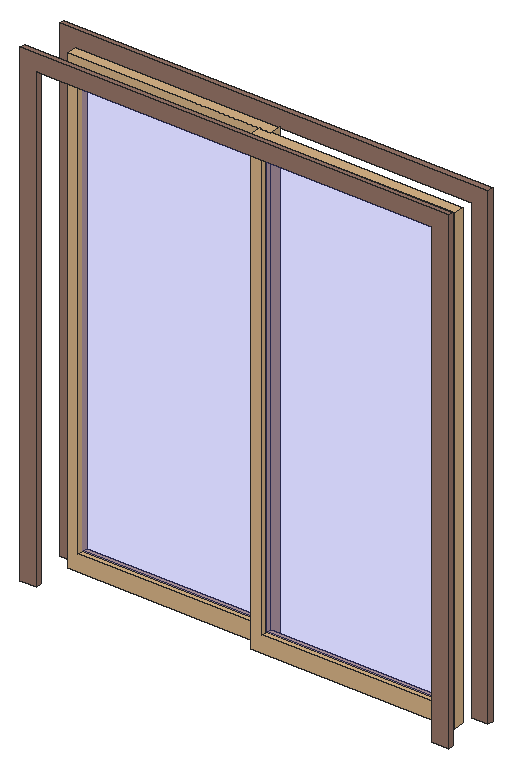
Revit family
Parameters (values of type "1830 x 2134mm")
  Thickness = 50 mm
  Assembly Code = ""
  문 재료 = 문 - 패널
  프레임 재료 = 문 - 프레임
  Height = 2134 mm
  난간 폭 = 75 mm
  선틀 폭 = 50 mm
  자르기 투영 외부 = 25 mm
  자르기 투영 내부 = 25 mm
  자르기 폭 = 75 mm
  Wall Closure = (empty or 0)
  Width = 1830 mm
Types (5, lengths in mm): name | Height | Width
  1830 x 2134mm | 2134 | 1830
  1830 x 2032mm | 2032 | 1830
  1830 x 1981mm | 1981 | 1830
  1730 x 2032mm | 2032 | 1730
  1730 x 2134mm | 2134 | 1730
Reference planes
  plane 1: z = 0
  plane 2: x = 0
  plane 3: x = -915
  plane 4: x = 915
  plane 5: z = 2134
  plane 6: y = 228.6
  plane 7: y = 25.4
  plane 8: y = 178.6
  plane 9: y = 128.6
  plane 10: y = 203.6
  plane 11: y = 153.6
  plane 12: y = 156.775
  plane 13: y = 150.425
  plane 14: y = 206.775
  plane 15: y = 200.425
Forms (mm)
  Extrusion 1, solid, material "문 - 프레임" <- "프레임 재료"
    sketch origin (-1524, 228.6, 0) x (-1, 0, 0) y (0, 0, 1)
      loop
        line (-2439, 0) -> (-2439, 2134) -> (-609, 2134) -> (-609, 0) -> (-534, 0) -> (-534, 2209) -> (-2514, 2209) -> (-2514, 0) -> (-2439, 0)
    from 0 to 25
  Extrusion 2, solid, material "문 - 프레임" <- "프레임 재료"
    sketch origin (0, 25.4, 0) x (0, 0, -1) y (-1, 0, 0)
      loop
        line (0, 915) -> (0, 990) -> (-2209, 990) -> (-2209, -990) -> (0, -990) -> (0, -915) -> (-2134, -915) -> (-2134, 915) -> (0, 915)
    from 0 to -25
  Extrusion 3, solid, material "문 - 패널" <- "문 재료"
    sketch origin (-1524, 228.6, 0) x (-1, 0, 0) y (0, 0, 1)
      loop
        line (-609, 2134) -> (-1549.4, 2134) -> (-1549.4, 0) -> (-609, 0) -> (-609, 2134)
      loop
        line (-659, 2059) -> (-1499.4, 2059) -> (-1499.4, 75) -> (-659, 75) -> (-659, 2059)
    from -50 to 0
  Extrusion 4, solid, material "유리"
    sketch origin (-1524, 228.6, 0) x (-1, 0, 0) y (0, 0, 1)
      loop
        line (-1499.4, 2059) -> (-1499.4, 75) -> (-659, 75) -> (-659, 2059) -> (-1499.4, 2059)
    from -28.175 to -21.825
  Extrusion 5, solid, material "문 - 패널" <- "문 재료"
    sketch origin (-1524, 228.6, 0) x (-1, 0, 0) y (0, 0, 1)
      loop
        line (-2439, 2134) -> (-2439, 0) -> (-1498.6, 0) -> (-1498.6, 2134) -> (-2439, 2134)
      loop
        line (-2389, 2059) -> (-2389, 75) -> (-1548.6, 75) -> (-1548.6, 2059) -> (-2389, 2059)
    from -100 to -50
  Extrusion 6, solid, material "유리"
    sketch origin (-1524, 228.6, 0) x (-1, 0, 0) y (0, 0, 1)
      loop
        line (-2389, 2059) -> (-2389, 75) -> (-1549.4, 75) -> (-1549.4, 2059) -> (-2389, 2059)
    from -78.175 to -71.825
Lines and regions (mm)
  Opening 1
    outline origin (-1524, 25.4, 3657.6) x (0, 0, -1) y (1, 0, 0)
      loop
        line (1523.6, 2439) -> (1523.6, 609) -> (3657.6, 609) -> (3657.6, 2439) -> (1523.6, 2439)
  symbolic lines, style "DoorsGlassProjection"
    curve 1: line (-865, 203.6, 0) -> (-25.4, 203.6, 0)
    curve 18: line (25.4, 153.6, 0) -> (864.2, 153.6, 0)
  symbolic lines, style "DoorsFrameMullionProjection"
    curve 2: line (864.2, 178.6, 0) -> (915, 178.6, 0)
    curve 3: line (864.2, 178.6, 0) -> (864.2, 128.6, 0)
    curve 4: line (864.2, 128.6, 0) -> (915, 128.6, 0)
    curve 5: line (915, 178.6, 0) -> (915, 128.6, 0)
    curve 6: line (-25.4, 228.6, 0) -> (25.4, 228.6, 0)
    curve 7: line (-25.4, 228.6, 0) -> (-25.4, 178.6, 0)
    curve 8: line (-25.4, 178.6, 0) -> (25.4, 178.6, 0)
    curve 9: line (25.4, 228.6, 0) -> (25.4, 178.6, 0)
    curve 10: line (-25.4, 178.6, 0) -> (25.4, 178.6, 0)
    curve 11: line (-25.4, 178.6, 0) -> (-25.4, 128.6, 0)
    curve 12: line (-25.4, 128.6, 0) -> (25.4, 128.6, 0)
    curve 13: line (25.4, 178.6, 0) -> (25.4, 128.6, 0)
    curve 14: line (-915, 228.6, 0) -> (-865, 228.6, 0)
    curve 15: line (-915, 228.6, 0) -> (-915, 178.6, 0)
    curve 16: line (-915, 178.6, 0) -> (-865, 178.6, 0)
    curve 17: line (-865, 228.6, 0) -> (-865, 178.6, 0)
Text (mm)
  text "외부" at (-1735.71, 556.18, 0), in view "지층"
  text "외부" at (0, 901.414, 2970.265), in view "왼쪽"
Dimensions and locks
  equal spacing: plane 3, plane 2, plane 4
  "Width": plane 3 to plane 4
  "Height": plane 1 to plane 5
  "자르기 폭": plane 5 to Extrusion 1 sketch curve
  "자르기 폭": plane 3 to Extrusion 1 sketch curve
  "자르기 폭": plane 4 to Extrusion 1 sketch curve
  "자르기 투영 내부": plane 7 to Extrusion 2
  "자르기 투영 외부": Extrusion 1 to Extrusion 1
  "자르기 폭": Extrusion 2 sketch curve to plane 3
  "자르기 폭": plane 4 to Extrusion 2 sketch curve
  "자르기 폭": Extrusion 2 sketch curve to plane 5
  "난간 폭": Extrusion 3 sketch curve to plane 5
  "난간 폭": plane 1 to Extrusion 3 sketch curve
  "선틀 폭": Extrusion 3 sketch curve to Extrusion 3 sketch curve  (x2)
  Extrusion 3 sketch curve to plane 2 = 25.4 mm
  "Thickness": plane 8 to plane 6
  "Thickness": plane 9 to plane 8
  equal spacing: plane 8, plane 10, plane 6
  equal spacing: plane 9, plane 11, plane 8
  plane 12 to plane 11 to plane 13 = 3.175 mm locked, 3.175 mm locked
  plane 14 to plane 10 to plane 15 = 3.175 mm locked, 3.175 mm locked
  locked: plane 2 to Extrusion 5 sketch curve at 25.4
  "선틀 폭": Extrusion 5 sketch curve to Extrusion 5 sketch curve
  "난간 폭": plane 1 to Extrusion 5 sketch curve
  "난간 폭": Extrusion 5 sketch curve to plane 5
  "선틀 폭": Extrusion 5 sketch curve to plane 4
  aligned and locked: Opening 1 sketch curve to plane 5
  aligned and locked: Opening 1 sketch curve to plane 3
  aligned and locked: plane 4 to Opening 1 sketch curve
  aligned and locked: host wall to plane 6
  aligned and locked: plane 7 to host wall
  aligned and locked: host wall to Extrusion 3
  aligned and locked: curve 16 to Extrusion 3
  aligned and locked: plane 8 to Extrusion 3
  aligned and locked: plane 8 to curve 2
  aligned and locked: plane 9 to curve 4
  aligned and locked: curve 14 to host wall
  aligned and locked: curve 17 to Extrusion 3
  aligned and locked: plane 9 to curve 12
  aligned and locked: curve 9 to Extrusion 3
  aligned and locked: plane 6 to curve 6
  aligned and locked: curve 1 to plane 10
  aligned and locked: Extrusion 3 to Extrusion 4 sketch curve  (x2)
  aligned and locked: Extrusion 4 sketch curve to Extrusion 3  (x2)
  aligned and locked: Extrusion 4 to plane 15
  aligned and locked: Extrusion 4 to plane 14
  aligned and locked: plane 5 to Extrusion 5 sketch curve
  aligned and locked: plane 4 to Extrusion 5 sketch curve
  aligned and locked: plane 1 to Extrusion 5 sketch curve
  aligned and locked: plane 9 to Extrusion 5
  aligned and locked: Extrusion 5 to plane 8
  aligned and locked: Extrusion 5 to Extrusion 6 sketch curve  (x2)
  aligned and locked: Extrusion 6 sketch curve to Extrusion 5
  aligned and locked: Extrusion 3 to Extrusion 6 sketch curve
  aligned and locked: Extrusion 6 to plane 13
  aligned and locked: plane 12 to Extrusion 6
Automatic sketch dimensions
  Opening 1 sketch curve to level = 0 mm
  Extrusion 1 sketch curve to level = 0 mm  (x2)
  Extrusion 1 sketch curve to plane 4 = 0 mm
  Extrusion 1 sketch curve to plane 3 = 0 mm
  Extrusion 1 sketch curve to plane 5 = 0 mm
  Extrusion 2 sketch curve to plane 3 = 0 mm
  Extrusion 2 sketch curve to plane 5 = 0 mm
  Extrusion 2 sketch curve to level = 0 mm  (x2)
  Extrusion 2 sketch curve to plane 4 = 0 mm
  Extrusion 3 sketch curve to plane 3 = 0 mm
  curve 16 to plane 3 = 0 mm
  curve 7 to plane 8 = 0 mm
  curve 18 to plane 11 = 0 mm
  curve 4 to plane 4 = 0 mm
  curve 1 to plane 2 = 25.4 mm
  curve 18 to curve 8 = 0 mm
  plane 4 to curve 18 = 50.8 mm
  curve 2 to curve 18 = 0 mm
